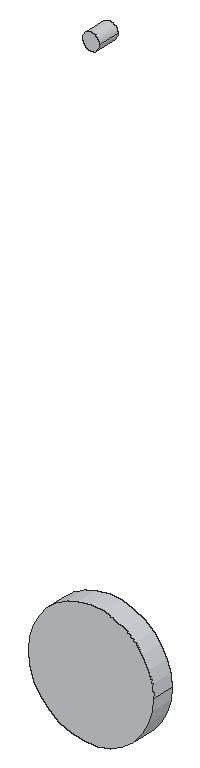
Revit family "Anschluss_Bidet_KW-AW", category Sanitärinstallationen, Revit 2012
Parameters
  KW_Radius = 7.5 mm
  KW_Hoehe = 800 mm
  AW_Radius = 55 mm
  AW_Hoehe = 300 mm
Reference planes
  plane 1 "Mitte (Vorne/hinten)": y = 0
  plane 2: z = 0
  plane 3 "Mitte (Links/rechts)": x = 0
Forms (mm)
  Extrusion 1, solid
    sketch origin (0, 0, 0) x (1, 0, 0) y (0, 0, 1)
      loop
        circle (0, 300) r 55
    from 0 to 20
  Extrusion 2, solid
    sketch origin (0, 0, 0) x (1, 0, 0) y (0, 0, 1)
      loop
        circle (0, 800) r 7.5
    from 0 to 20
Dimensions and locks
  "AW_Hoehe": Extrusion 1 sketch curve to level
  "KW_Hoehe": Extrusion 2 sketch curve to level
  "AW_Radius": radius of Extrusion 1 sketch curve
  "KW_Radius": radius of Extrusion 2 sketch curve
  aligned and locked: level to plane 2
Automatic sketch dimensions
  Extrusion 1 sketch curve to plane 3 "Mitte (Links/rechts)" = 0 mm
  Extrusion 2 sketch curve to plane 3 "Mitte (Links/rechts)" = 0 mm
Connectors
  piping at (0, -20, 300), driven by "AW_Radius"
    settings: on Extrusion 1, index 1, connector radius 55 mm, flow factor 0, pipe flow 0.0 L/s, pressure drop 0.0 Pa, fitting loss kfactor 0, connector angle 0.00°, fixture units 0, engagement length 0 mm, flow configuration 0, flow direction 2, fitting loss method 4, system type 16, joint type 0, gender type 0, connector reference index -1, connector utility 0, adjustable connector no, is connector primary yes, fitting loss table "", connector description ""
  piping at (0, -20, 800), driven by "KW_Radius"
    settings: on Extrusion 2, index 2, connector radius 7.5 mm, flow factor 0, pipe flow 0.0 L/s, pressure drop 0.0 Pa, fitting loss kfactor 0, connector angle 0.00°, fixture units 0, engagement length 0 mm, flow configuration 0, flow direction 1, fitting loss method 4, system type 20, joint type 0, gender type 0, connector reference index -1, connector utility 0, adjustable connector no, is connector primary no, fitting loss table "", connector description ""
